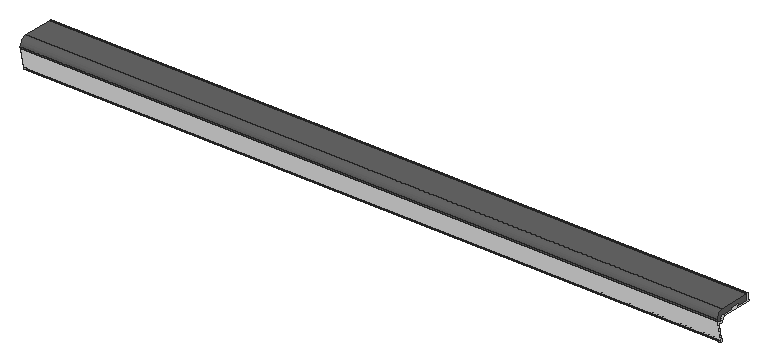
Revit family "Stair_Tread-Wooster-Spectra_Safety_Treads-WP2", category Specialty Equipment, host Face, Revit 2017
Family settings
  Host = Face
  Round Connector Dimension = Use Diameter
  Part Type = Normal
  OmniClass Number = 23.30.70.21.11.11.11
  OmniClass Title = Stair Nosings
  Cut with Voids When Loaded = No
  Shared = No
  Room Calculation Point = No
Parameters (values of type "WP2")
  Width [instance] = 0' - 2"  # constant formula
  Version = "2017 - v2.0a"  # constant formula
  URL = "http://www.wooster-products.com/"
  Support Phone = "(224) 699-9545"  # constant formula
  Support Email = "mailto:support@anguleris.com"
  Safety Tread [instance] = Filler - Wooster - Black - Abrasive Filler
  Product Page URL = "http://www.woosterproducts.com/products/extruded-aluminum/spectra/"
  Product Name = "Spectra Nosings"  # constant formula
  Product Documentation Link = "http://www.woosterproducts.com/spec/WP2.pdf"
  New Construction = yes
  Model = "WP2"
  Material = ""
  Manufacturer Phone Number = "1-800-321-4936 or 330-264-2844"  # constant formula
  Manufacturer Fax Number = "330-262-4151"  # constant formula
  Manufacturer Email = "mailto:tim@wooster-products.com"
  Manufacturer Address = "1000 Spruce Street, P.O. BOX 6005, Wooster, OH. 44691"  # constant formula
  Manufacturer = "Wooster Productions Inc"  # constant formula
  Length Constraint [instance] = if(Length > 10' 0", 10' 0", Length)  # 3' - 0"
  Length [instance] = 3' - 0"
  Existing Construction = not(New Construction)  # no
  Description = "Anti-Slip Stair Nosing"  # constant formula
  Depth = 0' - 1 1/2"  # constant formula
  Default Elevation = 0' - 0"  # constant formula
  Copyright = "Wooster Products Inc. 2019"  # constant formula
  Construction Type = "Existing Construction"  # constant formula
Values of the unnamed type that differ from the named types
  Support Email = ""
  Product Page URL = "http://www.wooster-products.com/Spectra_Safety_Treads.html"
  Product Documentation Link = "http://wooster-products.com/pub/Specs/WP2.pdf"
  Manufacturer Email = ""
Reference planes (in)
  plane 1 "Center (Front/Back)": y = 0
  plane 2: z = 0
  plane 3 "Center (Left/Right)": x = 0
  plane 4 "Left": x = -18
  plane 5 "Right": x = 18
  plane 6 "Back": y = 1
  plane 7 "Front": y = -1
  plane 8 "Bottom": z = -1.48438
  plane 9: z = 0.01562
Forms (in)
  Sweep 1, solid, material "Filler - Wooster - Black - Abrasive Filler" <- "Safety Tread"
    path origin (0, 1, 0.01562) x (-1, 0, 0) y (0, -1, 0)
      loop
        line (18, 0) -> (-18, 0)
    profile "WP2 Abrasive Filler : WP2 Abrasive Filler" origin (0, 1, 0.01562) x (0, 1, 0) y (0, 0, 1)
      loop
        line (-0.06522, 0) -> (-1.61627, 0)
        arc (-1.61627, 0) -> (-1.88459, -0.10486) -> (-2.00003, -0.36879) r 0.37616
        line (-2.00003, -0.36879) -> (-2, -0.45792) -> (-1.74928, -0.5251)
        arc (-1.74928, -0.5251) -> (-1.74362, -0.45039) -> (-1.71117, -0.38287) r 0.20229
        line (-1.71117, -0.38287) -> (-1.74799, -0.373) -> (-1.68152, -0.30654) -> (-1.67165, -0.34338)
        arc (-1.67165, -0.34338) -> (-1.61645, -0.31455) -> (-1.55497, -0.30461) r 0.19497
        line (-1.55497, -0.30461) -> (-1.03697, -0.30461) -> (-1.06199, -0.21123) -> (-0.68701, -0.21123) -> (-0.71203, -0.30461) -> (-0.08414, -0.30461) -> (-0.11549, -0.18761) -> (-0.06522, 0)
  Sweep 2, solid, material "Metal - Wooster - Extruded Aluminum"
    path origin (0, 1, 0.01562) x (-1, 0, 0) y (0, -1, 0)
      loop
        line (-18, 0) -> (18, 0)
    profile "WP2 Aluminum Base : WP2 Aluminum Base" origin (0, 1, 0.01562) x (0, -1, 0) y (0, 0, 1)
      loop
        line (0.05027, -0.18761) -> (0, -0.37523) -> (1.555, -0.37523)
        arc (1.555, -0.37523) -> (1.64339, -0.41184) -> (1.68, -0.50023) r 0.125
        line (1.68, -0.50023) -> (1.68, -0.61366) -> (1.84079, -0.57058)
        arc (1.84079, -0.57058) -> (1.88539, -0.58197) -> (1.89887, -0.62599) r 0.047
        line (1.89887, -0.62599) -> (1.74488, -1.33225)
        arc (1.74488, -1.33225) -> (1.72199, -1.37611) -> (1.68, -1.40228) r 0.094
        line (1.68, -1.40228) -> (1.68494, -1.50023)
        arc (1.68494, -1.50023) -> (1.75332, -1.47611) -> (1.79144, -1.41445) r 0.109
        line (1.79144, -1.41445) -> (2, -0.45792) -> (1.74928, -0.5251)
        arc (1.74928, -0.5251) -> (1.74362, -0.45039) -> (1.71117, -0.38287) r 0.20229
        line (1.71117, -0.38287) -> (1.74799, -0.373) -> (1.68152, -0.30654) -> (1.67165, -0.34338)
        arc (1.67165, -0.34338) -> (1.61645, -0.31455) -> (1.55497, -0.30461) r 0.19497
        line (1.55497, -0.30461) -> (1.03697, -0.30461) -> (1.06199, -0.21123) -> (0.68701, -0.21123) -> (0.71203, -0.30461) -> (0.08414, -0.30461) -> (0.11549, -0.18761) -> (0.06522, 0) -> (0, 0) -> (0.05027, -0.18761)
  Sweep 3, void
    path origin (0, 1, 0.01562) x (-1, 0, 0) y (0, -1, 0)
      loop
        line (-18, 0) -> (18, 0)
    profile "Void Cut : Void Cut" origin (0, 1, 0.01562) x (0, -1, 0) y (0, 0, 1)
      loop
        line (0.05027, -0.18761) -> (0, -0.37523) -> (1.555, -0.37523)
        arc (1.555, -0.37523) -> (1.64339, -0.41184) -> (1.68, -0.50023) r 0.125
        line (1.68, -0.50023) -> (1.68, -0.61366) -> (2.00003, -0.52791) -> (2.00003, 0) -> (0, 0) -> (0.05027, -0.18761)
Lines and regions (in)
  Masking region 1
    outline origin (0, 0, 0) x (1, 0, 0) y (0, 1, 0)
      loop
        line (-18, 1) -> (-18, -1) -> (18, -1) -> (18, 1) -> (-18, 1)
Dimensions and locks (in)
  equal spacing: plane 4 "Left", plane 3 "Center (Left/Right)", plane 5 "Right"
  "Length Constraint": plane 4 "Left" to plane 5 "Right"
  equal spacing: plane 7 "Front", plane 1 "Center (Front/Back)", plane 6 "Back"
  "Width": plane 7 "Front" to plane 6 "Back"
  "Depth": plane 9 to plane 8 "Bottom"
  locked: plane 2 to plane 8 "Bottom" at 1.48438
  aligned and locked: plane 2 to host face
  aligned and locked: level to host face
  aligned and locked: plane 4 "Left" to Sweep 1 sketch curve
  aligned and locked: plane 5 "Right" to Sweep 1 sketch curve
  aligned and locked: plane 4 "Left" to Sweep 2 sketch curve
  aligned and locked: plane 5 "Right" to Sweep 2 sketch curve
  aligned and locked: plane 4 "Left" to Sweep 3 sketch curve
  aligned and locked: plane 5 "Right" to Sweep 3 sketch curve
  aligned and locked: Sweep 1 sketch curve to plane 6 "Back"
  aligned and locked: plane 6 "Back" to Sweep 2 sketch curve
  aligned and locked: plane 6 "Back" to Sweep 3 sketch curve
  aligned and locked: Masking region 1 sketch curve to plane 6 "Back"
  aligned and locked: Masking region 1 sketch curve to plane 7 "Front"
  aligned and locked: plane 4 "Left" to Masking region 1 sketch curve
  aligned and locked: plane 5 "Right" to Masking region 1 sketch curve
Automatic sketch dimensions
  host sketch curve to host sketch curve = 8' - 0"
  host sketch curve to host sketch curve = 4' - 0"
